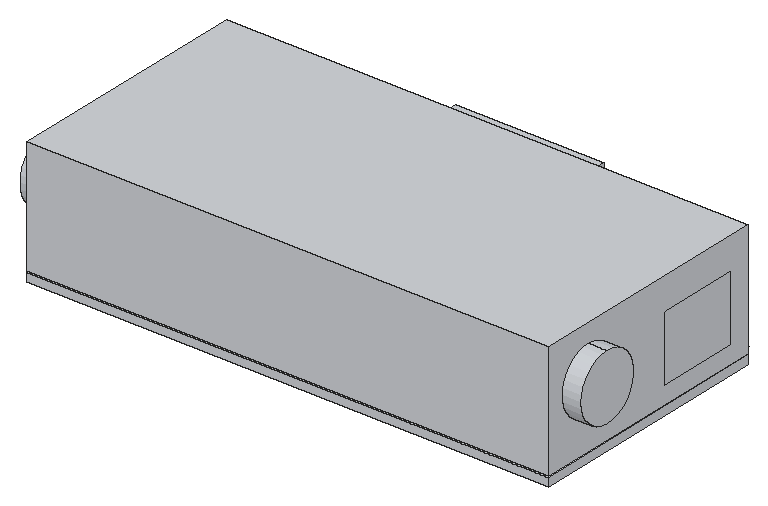
Revit family "AHU 1 _1", category Mechanické zařízení, Revit 2018
Family settings
  Kóta kulaté spojky = Použít průměr
  Typ dílu = Normální
  Číslo OmniClass = 23.75.00.00
  Nadpis OmniClass = Climate Control (HVAC)
  Založené na pracovní rovině = Ne
  Vždy vertikální = Ano
  Ořezat dutým tvarem při načtení = Ne
  Sdílené = Ne
  Bod výpočtu místnosti = Ne
Parameters (values of type "DUPLEXVENT 500 Multi Eco")
  Width [instance] = 0.765 mm
  Weight [instance] = 90.00 kg
  URL = ""
  Type [instance] = "DUPLEXVENT 500 Multi Eco"
  Total_SFP [instance] = 0
  Supply_outlet_hum [instance] = 90
  Supply_inlet_hum [instance] = 90
  Supply_ext_pressure [instance] = 0.0 Pa
  Supply_SFP [instance] = 0
  Source_adu_file [instance] = ""
  Recuperation_type [instance] = "Plate heat recovery exchanger"
  Recuperation_efficiency_EN308 [instance] = 0
  Project_name [instance] = ""
  Project_date [instance] = "10.8.2023"
  Power_supply_fusing [instance] = "0"
  Power_supply_cable [instance] = "0"
  Position [instance] = "AHU 1 "
  Phases_count [instance] = 1
  Panel_thickness [instance] = 0.06 mm
  Outer_surface [instance] = "RAL 9002"
  Length [instance] = 1.6 mm
  Insulation_type [instance] = "PUR"
  Insulation_thickness [instance] = 0.05 mm
  Installation_environment [instance] = ""
  Input_power_max [instance] = 340 W
  Inner_surface [instance] = "Pozink"
  I2 [instance] = I1  # 0.0 L/s
  Height [instance] = 0.384 mm
  Exhaust_outlet_hum [instance] = 0
  Exhaust_inlet_hum [instance] = 40
  Exhaust_ext_pressure [instance] = 0.0 Pa
  Exhaust_SFP [instance] = 0
  E1 [instance] = E2 - M1  # 0.0 L/s
  E2 [instance] = 0.0 L/s
  I1 [instance] = 0.0 L/s
  Description = ""
  M1 [instance] = 0.0 L/s
  Device_dutypoint_version [instance] = "1"
  Device_design_version [instance] = "13"
  Device_adu_id [instance] = "1"
  Current_max [instance] = 2.8 A
  Casing_mat [instance] = "painted zinc layer"
  Cable type [instance] = "CYKY 3Jx2,5"
Reference planes
  plane 1 "Střed (vpředu/vzadu)": y = 0
  plane 2 "ref": z = 0
  plane 3 "Střed (vlevo/vpravo)": x = 0
Forms (mm)
  Sweep 1, solid
    path origin (0, 0, -354) x (0, 0, 1) y (1, 0, 0)
      loop
        line (0, 0) -> (354, 0)
    profile origin (0, 0, -354) x (1, 0, 0) y (0, 1, 0)
      loop
        line (0, 0) -> (1600, 0) -> (1600, 765) -> (0, 765) -> (0, 0)
  Sweep 2, solid
    path origin (1600, 150, -155) x (0, 0, -1) y (1, 0, 0)
      loop
        line (0, 0) -> (0, 60)
    profile origin (1600, 150, -155) x (0, 0, 1) y (0, -1, 0)
      loop
        circle (0, 0) r 100
  Sweep 3, solid
    path origin (1, 505, -155) x (0, 1, 0) y (-1, 0, 0)
      loop
        line (0, 0) -> (0, 1)
    profile origin (1, 505, -155) x (0, -1, 0) y (0, 0, 1)
      loop
        line (-125, 100) -> (-125, -100) -> (125, -100) -> (125, 100) -> (-125, 100)
  Sweep 4, solid
    path origin (0, 150, -155) x (0, 0, -1) y (1, 0, 0)
      loop
        line (0, 0) -> (0, -60)
    profile origin (0, 150, -155) x (0, 0, -1) y (0, -1, 0)
      loop
        circle (0, 0) r 100
  Sweep 5, solid
    path origin (1599, 570, -199) x (1, 0, 0) y (0, 1, 0)
      loop
        line (0, 0) -> (1, 0)
    profile origin (1599, 570, -199) x (0, 1, 0) y (0, 0, 1)
      loop
        line (125, 100) -> (-125, 100) -> (-125, -100) -> (125, -100) -> (125, 100)
  Sweep 6, solid
    path origin (1545, 765, -371) x (0, 1, 0) y (-1, 0, 0)
      loop
        line (0, 0) -> (50, 0)
    profile origin (1545, 765, -371) x (-1, 0, 0) y (0, 0, 1)
      loop
        circle (0, 0) r 16
  Sweep 7, solid
    path origin (490, 765, -371) x (0, 1, 0) y (-1, 0, 0)
      loop
        line (0, 0) -> (50, 0)
    profile origin (490, 765, -371) x (-1, 0, 0) y (0, 0, 1)
      loop
        circle (0, 0) r 16
  Sweep 8, solid
    path origin (0, 0, -384) x (0, 0, 1) y (1, 0, 0)
      loop
        line (0, 0) -> (25, 0)
    profile origin (0, 0, -384) x (1, 0, 0) y (0, 1, 0)
      loop
        line (0, 0) -> (1600, 0) -> (1600, 765) -> (0, 765) -> (0, 0)
  Sweep 9, solid
    path origin (0, 0, -294) x (0, 0, 1) y (1, 0, 0)
      loop
        line (0, 0) -> (235, 0)
    profile origin (0, 0, -294) x (1, 0, 0) y (0, 1, 0)
      loop
        line (623, 765) -> (1077, 765) -> (1077, 865) -> (623, 865) -> (623, 765)
  Sweep 10, solid
    path origin (623, 815, -177) x (0, 0, -1) y (1, 0, 0)
      loop
        line (0, 0) -> (0, -1)
    profile origin (623, 815, -177) x (0, 0, -1) y (0, -1, 0)
      loop
        circle (0, 0) r 10
Lines and regions (mm)
  model lines, style "Symbol"
    curve 1: line (944, 0, 0) -> (944, 153, 0)
    curve 2: line (944, 765, 0) -> (944, 612, 0)
    curve 3: line (0, 383, 0) -> (715, 383, 0)
    curve 4: line (1600, 383, 0) -> (1173, 383, 0)
    curve 5: line (715, 383, 0) -> (829, 612, 0)
    curve 6: line (829, 612, 0) -> (1059, 612, 0)
    curve 7: line (1059, 612, 0) -> (1173, 383, 0)
    curve 8: line (1173, 383, 0) -> (1059, 153, 0)
    curve 9: line (1059, 153, 0) -> (944, 153, 0)
    curve 10: line (944, 153, 0) -> (829, 153, 0)
    curve 11: line (829, 153, 0) -> (715, 383, 0)
    curve 12: line (168, 519, 0) -> (46, 540, 0)
    curve 13: line (168, 628, 0) -> (46, 607, 0)
    curve 14: line (1432, 628, 0) -> (1554, 607, 0)
    curve 15: line (1432, 519, 0) -> (1554, 540, 0)
    curve 16: line (1568, 306, 0) -> (1568, 76, 0)
    curve 17: line (1568, 76, 0) -> (1472, 76, 0)
    curve 18: line (1472, 76, 0) -> (1472, 306, 0)
    curve 19: line (1472, 306, 0) -> (1568, 306, 0)
    curve 20: line (1520, 306, 0) -> (1472, 191, 0)
    curve 21: line (1520, 76, 0) -> (1472, 191, 0)
    curve 22: line (32, 76, 0) -> (32, 306, 0)
    curve 23: line (32, 306, 0) -> (128, 306, 0)
    curve 24: line (128, 306, 0) -> (128, 76, 0)
    curve 25: line (128, 76, 0) -> (32, 76, 0)
    curve 26: line (80, 76, 0) -> (128, 191, 0)
    curve 27: line (80, 306, 0) -> (128, 191, 0)
    curve 28: line (1066, 151, 0) -> (1170, 356, 0)
    curve 29: line (1170, 356, 0) -> (1204, 338, 0)
    curve 30: line (1204, 338, 0) -> (1100, 134, 0)
    curve 31: line (1100, 134, 0) -> (1066, 151, 0)
    curve 32: line (1136, 279, 0) -> (1177, 292, 0)
    curve 33: line (1094, 197, 0) -> (1135, 211, 0)
    curve 34: line (1600, 0, -1184) -> (1600, 0, -384)
    curve 35: line (0, 0, -1184) -> (0, 0, -384)
    curve 36: line (1600, 0, -1184) -> (0, 0, -1184)
    curve 37: line (1600, 765, -1184) -> (1600, 765, -384)
    curve 38: line (0, 765, -1184) -> (0, 765, -384)
    curve 39: line (1600, 765, -1184) -> (0, 765, -1184)
    curve 40: line (1600, 0, -1184) -> (1600, 765, -1184)
    curve 41: line (0, 0, -1184) -> (0, 765, -1184)
    curve 42: line (1600, 565, -1184) -> (1400, 765, -1184)
    curve 43: line (1600, 365, -1184) -> (1200, 765, -1184)
    curve 44: line (1600, 165, -1184) -> (1000, 765, -1184)
    curve 45: line (1565, 0, -1184) -> (800, 765, -1184)
    curve 46: line (1365, 0, -1184) -> (600, 765, -1184)
    curve 47: line (1165, 0, -1184) -> (400, 765, -1184)
    curve 48: line (965, 0, -1184) -> (200, 765, -1184)
    curve 49: line (765, 0, -1184) -> (0, 765, -1184)
    curve 50: line (565, 0, -1184) -> (0, 565, -1184)
    curve 51: line (365, 0, -1184) -> (0, 365, -1184)
    curve 52: line (165, 0, -1184) -> (0, 165, -1184)
    curve 53: line (0, 565, -1184) -> (0, 765, -984)
    curve 54: line (0, 365, -1184) -> (0, 765, -784)
    curve 55: line (0, 165, -1184) -> (0, 765, -584)
    curve 56: line (0, 0, -1149) -> (0, 765, -384)
    curve 57: line (0, 0, -949) -> (0, 565, -384)
    curve 58: line (0, 0, -749) -> (0, 365, -384)
    curve 59: line (0, 0, -549) -> (0, 165, -384)
    curve 60: line (1600, 765, -984) -> (1400, 765, -1184)
    curve 61: line (1600, 765, -784) -> (1200, 765, -1184)
    curve 62: line (1600, 765, -584) -> (1000, 765, -1184)
    curve 63: line (1600, 765, -384) -> (800, 765, -1184)
    curve 64: line (1400, 765, -384) -> (600, 765, -1184)
    curve 65: line (1200, 765, -384) -> (400, 765, -1184)
    curve 66: line (1000, 765, -384) -> (200, 765, -1184)
    curve 67: line (800, 765, -384) -> (0, 765, -1184)
    curve 68: line (600, 765, -384) -> (0, 765, -984)
    curve 69: line (400, 765, -384) -> (0, 765, -784)
    curve 70: line (200, 765, -384) -> (0, 765, -584)
    curve 71: line (0, 1505, 0) -> (0, 765, 0)
    curve 72: line (1600, 1505, 0) -> (1600, 765, 0)
    curve 73: line (0, 1505, 0) -> (1600, 1505, 0)
    curve 74: line (0, 1505, -354) -> (0, 765, -354)
    curve 75: line (1600, 1505, -354) -> (1600, 765, -354)
    curve 76: line (0, 1505, -354) -> (1600, 1505, -354)
    curve 77: line (0, 1505, 0) -> (0, 1505, -354)
    curve 78: line (1600, 1505, 0) -> (1600, 1505, -354)
    curve 79: line (0, 1505, -154) -> (200, 1505, -354)
    curve 80: line (46, 1505, 0) -> (400, 1505, -354)
    curve 81: line (246, 1505, 0) -> (600, 1505, -354)
    curve 82: line (446, 1505, 0) -> (800, 1505, -354)
    curve 83: line (646, 1505, 0) -> (1000, 1505, -354)
    curve 84: line (846, 1505, 0) -> (1200, 1505, -354)
    curve 85: line (1046, 1505, 0) -> (1400, 1505, -354)
    curve 86: line (1246, 1505, 0) -> (1600, 1505, -354)
    curve 87: line (1446, 1505, 0) -> (1600, 1505, -154)
    curve 88: line (1600, 1505, -154) -> (1600, 1305, -354)
    curve 89: line (1600, 1459, 0) -> (1600, 1105, -354)
    curve 90: line (1600, 1259, 0) -> (1600, 905, -354)
    curve 91: line (1600, 1059, 0) -> (1600, 765, -294)
    curve 92: line (1600, 859, 0) -> (1600, 765, -94)
    curve 93: line (0, 1305, -354) -> (200, 1505, -354)
    curve 94: line (0, 1105, -354) -> (400, 1505, -354)
    curve 95: line (0, 905, -354) -> (600, 1505, -354)
    curve 96: line (60, 765, -354) -> (800, 1505, -354)
    curve 97: line (260, 765, -354) -> (1000, 1505, -354)
    curve 98: line (460, 765, -354) -> (1200, 1505, -354)
    curve 99: line (660, 765, -354) -> (1400, 1505, -354)
    curve 100: line (860, 765, -354) -> (1600, 1505, -354)
    curve 101: line (1060, 765, -354) -> (1600, 1305, -354)
    curve 102: line (1260, 765, -354) -> (1600, 1105, -354)
    curve 103: line (1460, 765, -354) -> (1600, 905, -354)
    curve 104: line (0, 0, -359) -> (0, 765, -359)
    curve 105: line (0, 765, -359) -> (760, 765, -359)
    curve 106: line (760, 765, -359) -> (760, 0, -359)
    curve 107: line (760, 0, -359) -> (0, 0, -359)
    curve 108: line (840, 0, -359) -> (840, 765, -359)
    curve 109: line (840, 765, -359) -> (1600, 765, -359)
    curve 110: line (1600, 765, -359) -> (1600, 0, -359)
    curve 111: line (1600, 0, -359) -> (840, 0, -359)
    curve 112: line (0, 0, -359) -> (1600, 0, -359)
    curve 113: line (0, 765, -359) -> (1600, 765, -359)
    curve 114: line (0, 0, -359) -> (0, 765, -359)
    curve 115: line (1600, 0, -359) -> (1600, 765, -359)
    curve 116: line (0, 0, -359) -> (0, 0, -384)
    curve 117: line (1600, 0, -359) -> (1600, 0, -384)
    curve 118: line (0, 765, -359) -> (0, 765, -384)
    curve 119: line (1600, 765, -359) -> (1600, 765, -384)
    curve 120: line (-51, 715, 0) -> (-51, 765, 0)
    curve 121: line (-51, 765, 0) -> (-1, 765, 0)
    curve 122: line (-1, 765, 0) -> (-1, 715, 0)
    curve 123: line (-1, 715, 0) -> (-51, 715, 0)
    curve 124: line (-1, 715, -150) -> (-1, 715, 0)
    curve 125: line (-1, 715, 0) -> (-1, 765, 0)
    curve 126: line (-1, 765, 0) -> (-1, 765, -150)
    curve 127: line (-1, 765, -150) -> (-1, 715, -150)
    curve 128: line (-13, 715, -150) -> (-51, 715, 0)
    curve 129: line (-51, 715, 0) -> (-1, 715, 0)
    curve 130: line (-1, 715, 0) -> (-1, 715, -150)
    curve 131: line (-1, 715, -150) -> (-13, 715, -150)
    curve 132: line (-13, 765, -150) -> (-51, 765, 0)
    curve 133: line (-51, 765, 0) -> (-1, 765, 0)
    curve 134: line (-1, 765, 0) -> (-1, 765, -150)
    curve 135: line (-1, 765, -150) -> (-13, 765, -150)
    curve 136: line (-51, 0, 0) -> (-51, 50, 0)
    curve 137: line (-51, 50, 0) -> (-1, 50, 0)
    curve 138: line (-1, 50, 0) -> (-1, 0, 0)
    curve 139: line (-1, 0, 0) -> (-51, 0, 0)
    curve 140: line (-1, 0, -150) -> (-1, 0, 0)
    curve 141: line (-1, 0, 0) -> (-1, 50, 0)
    curve 142: line (-1, 50, 0) -> (-1, 50, -150)
    curve 143: line (-1, 50, -150) -> (-1, 0, -150)
    curve 144: line (-13, 0, -150) -> (-51, 0, 0)
    curve 145: line (-51, 0, 0) -> (-1, 0, 0)
    curve 146: line (-1, 0, 0) -> (-1, 0, -150)
    curve 147: line (-1, 0, -150) -> (-13, 0, -150)
    curve 148: line (-13, 50, -150) -> (-51, 50, 0)
    curve 149: line (-51, 50, 0) -> (-1, 50, 0)
    curve 150: line (-1, 50, 0) -> (-1, 50, -150)
    curve 151: line (-1, 50, -150) -> (-13, 50, -150)
    curve 152: line (1651, 50, 0) -> (1651, 0, 0)
    curve 153: line (1651, 0, 0) -> (1601, 0, 0)
    curve 154: line (1601, 0, 0) -> (1601, 50, 0)
    curve 155: line (1601, 50, 0) -> (1651, 50, 0)
    curve 156: line (1601, 50, -150) -> (1601, 50, 0)
    curve 157: line (1601, 50, 0) -> (1601, 0, 0)
    curve 158: line (1601, 0, 0) -> (1601, 0, -150)
    curve 159: line (1601, 0, -150) -> (1601, 50, -150)
    curve 160: line (1613, 50, -150) -> (1651, 50, 0)
    curve 161: line (1651, 50, 0) -> (1601, 50, 0)
    curve 162: line (1601, 50, 0) -> (1601, 50, -150)
    curve 163: line (1601, 50, -150) -> (1613, 50, -150)
    curve 164: line (1613, 0, -150) -> (1651, 0, 0)
    curve 165: line (1651, 0, 0) -> (1601, 0, 0)
    curve 166: line (1601, 0, 0) -> (1601, 0, -150)
    curve 167: line (1601, 0, -150) -> (1613, 0, -150)
    curve 168: line (1651, 765, 0) -> (1651, 715, 0)
    curve 169: line (1651, 715, 0) -> (1601, 715, 0)
    curve 170: line (1601, 715, 0) -> (1601, 765, 0)
    curve 171: line (1601, 765, 0) -> (1651, 765, 0)
    curve 172: line (1601, 765, -150) -> (1601, 765, 0)
    curve 173: line (1601, 765, 0) -> (1601, 715, 0)
    curve 174: line (1601, 715, 0) -> (1601, 715, -150)
    curve 175: line (1601, 715, -150) -> (1601, 765, -150)
    curve 176: line (1613, 765, -150) -> (1651, 765, 0)
    curve 177: line (1651, 765, 0) -> (1601, 765, 0)
    curve 178: line (1601, 765, 0) -> (1601, 765, -150)
    curve 179: line (1601, 765, -150) -> (1613, 765, -150)
    curve 180: line (1613, 715, -150) -> (1651, 715, 0)
    curve 181: line (1651, 715, 0) -> (1601, 715, 0)
    curve 182: line (1601, 715, 0) -> (1601, 715, -150)
    curve 183: line (1601, 715, -150) -> (1613, 715, -150)
    curve 184: circle (115, 574, 0) r 76 normal (0, 0, 1)
    curve 185: circle (1485, 574, 0) r 76 normal (0, 0, 1)
    curve 186: circle (1156, 286, 0) r 6 normal (0, 0, 1)
    curve 187: circle (1114, 204, 0) r 6 normal (0, 0, 1)
    curve 188: circle (-26, 740, 0) r 5 normal (0, 0, 1)
    curve 189: circle (-26, 25, 0) r 5 normal (0, 0, 1)
    curve 190: circle (1626, 25, 0) r 5 normal (0, 0, 1)
    curve 191: circle (1626, 740, 0) r 5 normal (0, 0, 1)
Dimensions and locks
  aligned and locked: level to plane 2 "ref"
Connectors
  hvac at (1660, 150, -155), driven by "E1"
    settings: on Sweep 2, index 1, duct flow 0.0 L/s, flow factor 0, pres drop 0.0 Pa, loss coef 0, conn angle 0.00°, conn width 304.8 mm, conn height 304.8 mm, conn diameter 200 mm, duct sys type 1, conn prof type 0, flow config 1, flow direction 1, loss method 0, conn ref index -1, conn util no, is conn primary yes, conn desc ""
  hvac at (0, 505, -155), driven by "E2"
    settings: on Sweep 3, index 2, duct flow 0.0 L/s, flow factor 1, pres drop 0.0 Pa, loss coef 0, conn angle 0.00°, conn width 250 mm, conn height 200 mm, conn diameter 609.6 mm, duct sys type 1, conn prof type 1, flow config 2, flow direction 2, loss method 0, conn ref index -1, conn util no, is conn primary no, conn desc ""
  hvac at (-60, 150, -155), driven by "I1"
    settings: on Sweep 4, index 3, duct flow 0.0 L/s, flow factor 1, pres drop 0.0 Pa, loss coef 0, conn angle 0.00°, conn width 304.8 mm, conn height 304.8 mm, conn diameter 200 mm, duct sys type 3, conn prof type 0, flow config 2, flow direction 1, loss method 0, conn ref index -1, conn util no, is conn primary no, conn desc ""
  hvac at (1600, 570, -199), driven by "I2"
    settings: on Sweep 5, index 4, duct flow 0.0 L/s, flow factor 0, pres drop 0.0 Pa, loss coef 0, conn angle 0.00°, conn width 250 mm, conn height 200 mm, conn diameter 609.6 mm, duct sys type 3, conn prof type 1, flow config 1, flow direction 2, loss method 0, conn ref index -1, conn util no, is conn primary no, conn desc ""
  piping at (1545, 815, -371), diameter 22
    settings: on Sweep 6, index 5, connector inside diameter 609.6 mm, connector length 0 mm, flow factor 0, pipe flow 0.0 L/s, pressure drop 0.0 Pa, fitting loss kfactor 0, connector angle 0.00°, fixture units 0, engagement length 0 mm, angle of deflection 0.00°, flow configuration 1, flow direction 2, fitting loss method 0, system type 16, joint type 0, gender type 0, connector reference index -1, connector utility 0, adjustable connector no, is connector primary yes, connector description ""
  piping at (490, 815, -371), diameter 22
    settings: on Sweep 7, index 6, connector inside diameter 609.6 mm, connector length 0 mm, flow factor 0, pipe flow 0.0 L/s, pressure drop 0.0 Pa, fitting loss kfactor 0, connector angle 0.00°, fixture units 0, engagement length 0 mm, angle of deflection 0.00°, flow configuration 1, flow direction 2, fitting loss method 0, system type 16, joint type 0, gender type 0, connector reference index -1, connector utility 0, adjustable connector no, is connector primary no, connector description ""
  electrical at (622, 815, -177)
    settings: on Sweep 10, index 7, voltage 230 V, apparent load 0 VA, apparent load phase1 0 VA, apparent load phase2 0 VA, apparent load phase3 0 VA, power factor 1, load classification "Další", number of poles 1, system type 31, power factor state 1, is connector primary yes, connector utility no, sub classification motor no, connector description ""
